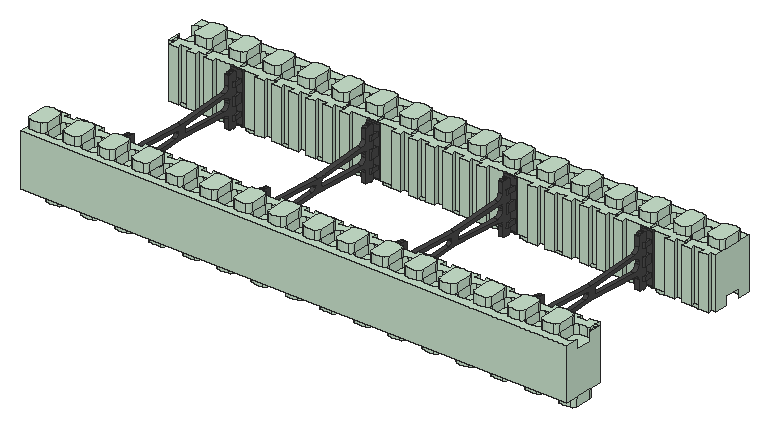
Revit family (continued)
Forms (in)
  Extrusion 51, void
    sketch origin (30, 13.25, 0) x (-1, 0, 0) y (0, -1, 0)
      loop
        arc (0, 0.72692) -> (0.04785, 0.57983) -> (0.17308, 0.48905) r 0.25
        arc (0.17308, 0.48905) -> (0.5, 0.4375) -> (0.82692, 0.48905) r 1.0625
        arc (0.82692, 0.48905) -> (0.95215, 0.57983) -> (1, 0.72692) r 0.25
        line (1, 0.72692) -> (1, 1.64808)
        arc (1, 1.64808) -> (0.95215, 1.79517) -> (0.82692, 1.88595) r 0.25
        arc (0.82692, 1.88595) -> (0.57908, 1.93455) -> (0.32677, 1.92328) r 1.0625
        arc (0.32677, 1.92328) -> (0.27615, 1.93729) -> (0.25408, 1.98495) r 0.0625
        line (0.25408, 1.98495) -> (0.25408, 2.20655)
    from 0 to 0.5
  Extrusion 52, void
    sketch origin (28, 13.25, 0) x (-1, 0, 0) y (0, -1, 0)
      loop
        line (0.25408, 2.20655) -> (0.08325, 2.20655) -> (0.08325, 1.86045)
        arc (0.08325, 1.86045) -> (0.07894, 1.83764) -> (0.0666, 1.81798) r 0.0625
        arc (0.0666, 1.81798) -> (0.01724, 1.73932) -> (0, 1.64808) r 0.25
        line (0, 1.64808) -> (0, 0.72692)
        arc (0, 0.72692) -> (0.04785, 0.57983) -> (0.17308, 0.48905) r 0.25
        arc (0.17308, 0.48905) -> (0.5, 0.4375) -> (0.82692, 0.48905) r 1.0625
        arc (0.82692, 0.48905) -> (0.95215, 0.57983) -> (1, 0.72692) r 0.25
        line (1, 0.72692) -> (1, 1.64808)
        arc (1, 1.64808) -> (0.95215, 1.79517) -> (0.82692, 1.88595) r 0.25
        arc (0.82692, 1.88595) -> (0.57908, 1.93455) -> (0.32677, 1.92328) r 1.0625
        arc (0.32677, 1.92328) -> (0.27615, 1.93729) -> (0.25408, 1.98495) r 0.0625
        line (0.25408, 1.98495) -> (0.25408, 2.20655)
    from 0 to 0.5
  Extrusion 53, void
    sketch origin (26, 13.25, 0) x (-1, 0, 0) y (0, -1, 0)
      loop
        line (0.25408, 2.20655) -> (0.08325, 2.20655) -> (0.08325, 1.86045)
        arc (0.08325, 1.86045) -> (0.07894, 1.83764) -> (0.0666, 1.81798) r 0.0625
        arc (0.0666, 1.81798) -> (0.01724, 1.73932) -> (0, 1.64808) r 0.25
        line (0, 1.64808) -> (0, 0.72692)
        arc (0, 0.72692) -> (0.04785, 0.57983) -> (0.17308, 0.48905) r 0.25
        arc (0.17308, 0.48905) -> (0.5, 0.4375) -> (0.82692, 0.48905) r 1.0625
        arc (0.82692, 0.48905) -> (0.95215, 0.57983) -> (1, 0.72692) r 0.25
        line (1, 0.72692) -> (1, 1.64808)
        arc (1, 1.64808) -> (0.95215, 1.79517) -> (0.82692, 1.88595) r 0.25
        arc (0.82692, 1.88595) -> (0.57908, 1.93455) -> (0.32677, 1.92328) r 1.0625
        arc (0.32677, 1.92328) -> (0.27615, 1.93729) -> (0.25408, 1.98495) r 0.0625
        line (0.25408, 1.98495) -> (0.25408, 2.20655)
    from 0 to 0.5
  Extrusion 54, void
    sketch origin (24, 13.25, 0) x (-1, 0, 0) y (0, -1, 0)
      loop
        line (0.25408, 2.20655) -> (0.08325, 2.20655) -> (0.08325, 1.86045)
        arc (0.08325, 1.86045) -> (0.07894, 1.83764) -> (0.0666, 1.81798) r 0.0625
        arc (0.0666, 1.81798) -> (0.01724, 1.73932) -> (0, 1.64808) r 0.25
        line (0, 1.64808) -> (0, 0.72692)
        arc (0, 0.72692) -> (0.04785, 0.57983) -> (0.17308, 0.48905) r 0.25
        arc (0.17308, 0.48905) -> (0.5, 0.4375) -> (0.82692, 0.48905) r 1.0625
        arc (0.82692, 0.48905) -> (0.95215, 0.57983) -> (1, 0.72692) r 0.25
        line (1, 0.72692) -> (1, 1.64808)
        arc (1, 1.64808) -> (0.95215, 1.79517) -> (0.82692, 1.88595) r 0.25
        arc (0.82692, 1.88595) -> (0.57908, 1.93455) -> (0.32677, 1.92328) r 1.0625
        arc (0.32677, 1.92328) -> (0.27615, 1.93729) -> (0.25408, 1.98495) r 0.0625
        line (0.25408, 1.98495) -> (0.25408, 2.20655)
    from 0 to 0.5
  Extrusion 55, void
    sketch origin (22, 13.25, 0) x (-1, 0, 0) y (0, -1, 0)
      loop
        line (0.25408, 2.20655) -> (0.08325, 2.20655) -> (0.08325, 1.86045)
        arc (0.08325, 1.86045) -> (0.07894, 1.83764) -> (0.0666, 1.81798) r 0.0625
        arc (0.0666, 1.81798) -> (0.01724, 1.73932) -> (0, 1.64808) r 0.25
        line (0, 1.64808) -> (0, 0.72692)
        arc (0, 0.72692) -> (0.04785, 0.57983) -> (0.17308, 0.48905) r 0.25
        arc (0.17308, 0.48905) -> (0.5, 0.4375) -> (0.82692, 0.48905) r 1.0625
        arc (0.82692, 0.48905) -> (0.95215, 0.57983) -> (1, 0.72692) r 0.25
        line (1, 0.72692) -> (1, 1.64808)
        arc (1, 1.64808) -> (0.95215, 1.79517) -> (0.82692, 1.88595) r 0.25
        arc (0.82692, 1.88595) -> (0.57908, 1.93455) -> (0.32677, 1.92328) r 1.0625
        arc (0.32677, 1.92328) -> (0.27615, 1.93729) -> (0.25408, 1.98495) r 0.0625
        line (0.25408, 1.98495) -> (0.25408, 2.20655)
    from 0 to 0.5
  Extrusion 56, void
    sketch origin (20, 13.25, 0) x (-1, 0, 0) y (0, -1, 0)
      loop
        line (0.25408, 2.20655) -> (0.08325, 2.20655) -> (0.08325, 1.86045)
        arc (0.08325, 1.86045) -> (0.07894, 1.83764) -> (0.0666, 1.81798) r 0.0625
        arc (0.0666, 1.81798) -> (0.01724, 1.73932) -> (0, 1.64808) r 0.25
        line (0, 1.64808) -> (0, 0.72692)
        arc (0, 0.72692) -> (0.04785, 0.57983) -> (0.17308, 0.48905) r 0.25
        arc (0.17308, 0.48905) -> (0.5, 0.4375) -> (0.82692, 0.48905) r 1.0625
        arc (0.82692, 0.48905) -> (0.95215, 0.57983) -> (1, 0.72692) r 0.25
        line (1, 0.72692) -> (1, 1.64808)
        arc (1, 1.64808) -> (0.95215, 1.79517) -> (0.82692, 1.88595) r 0.25
        arc (0.82692, 1.88595) -> (0.57908, 1.93455) -> (0.32677, 1.92328) r 1.0625
        arc (0.32677, 1.92328) -> (0.27615, 1.93729) -> (0.25408, 1.98495) r 0.0625
        line (0.25408, 1.98495) -> (0.25408, 2.20655)
    from 0 to 0.5
  Extrusion 57, void
    sketch origin (18, 13.25, 0) x (-1, 0, 0) y (0, -1, 0)
      loop
        line (0.25408, 2.20655) -> (0.08325, 2.20655) -> (0.08325, 1.86045)
        arc (0.08325, 1.86045) -> (0.07894, 1.83764) -> (0.0666, 1.81798) r 0.0625
        arc (0.0666, 1.81798) -> (0.01724, 1.73932) -> (0, 1.64808) r 0.25
        line (0, 1.64808) -> (0, 0.72692)
        arc (0, 0.72692) -> (0.04785, 0.57983) -> (0.17308, 0.48905) r 0.25
        arc (0.17308, 0.48905) -> (0.5, 0.4375) -> (0.82692, 0.48905) r 1.0625
        arc (0.82692, 0.48905) -> (0.95215, 0.57983) -> (1, 0.72692) r 0.25
        line (1, 0.72692) -> (1, 1.64808)
        arc (1, 1.64808) -> (0.95215, 1.79517) -> (0.82692, 1.88595) r 0.25
        arc (0.82692, 1.88595) -> (0.57908, 1.93455) -> (0.32677, 1.92328) r 1.0625
        arc (0.32677, 1.92328) -> (0.27615, 1.93729) -> (0.25408, 1.98495) r 0.0625
        line (0.25408, 1.98495) -> (0.25408, 2.20655)
    from 0 to 0.5
  Extrusion 58, void
    sketch origin (16, 13.25, 0) x (-1, 0, 0) y (0, -1, 0)
      loop
        line (0.25408, 2.20655) -> (0.08325, 2.20655) -> (0.08325, 1.86045)
        arc (0.08325, 1.86045) -> (0.07894, 1.83764) -> (0.0666, 1.81798) r 0.0625
        arc (0.0666, 1.81798) -> (0.01724, 1.73932) -> (0, 1.64808) r 0.25
        line (0, 1.64808) -> (0, 0.72692)
        arc (0, 0.72692) -> (0.04785, 0.57983) -> (0.17308, 0.48905) r 0.25
        arc (0.17308, 0.48905) -> (0.5, 0.4375) -> (0.82692, 0.48905) r 1.0625
        arc (0.82692, 0.48905) -> (0.95215, 0.57983) -> (1, 0.72692) r 0.25
        line (1, 0.72692) -> (1, 1.64808)
        arc (1, 1.64808) -> (0.95215, 1.79517) -> (0.82692, 1.88595) r 0.25
        arc (0.82692, 1.88595) -> (0.57908, 1.93455) -> (0.32677, 1.92328) r 1.0625
        arc (0.32677, 1.92328) -> (0.27615, 1.93729) -> (0.25408, 1.98495) r 0.0625
        line (0.25408, 1.98495) -> (0.25408, 2.20655)
    from 0 to 0.5
  Extrusion 59, void
    sketch origin (14, 13.25, 0) x (-1, 0, 0) y (0, -1, 0)
      loop
        line (0.25408, 2.20655) -> (0.08325, 2.20655) -> (0.08325, 1.86045)
        arc (0.08325, 1.86045) -> (0.07894, 1.83764) -> (0.0666, 1.81798) r 0.0625
        arc (0.0666, 1.81798) -> (0.01724, 1.73932) -> (0, 1.64808) r 0.25
        line (0, 1.64808) -> (0, 0.72692)
        arc (0, 0.72692) -> (0.04785, 0.57983) -> (0.17308, 0.48905) r 0.25
        arc (0.17308, 0.48905) -> (0.5, 0.4375) -> (0.82692, 0.48905) r 1.0625
        arc (0.82692, 0.48905) -> (0.95215, 0.57983) -> (1, 0.72692) r 0.25
        line (1, 0.72692) -> (1, 1.64808)
        arc (1, 1.64808) -> (0.95215, 1.79517) -> (0.82692, 1.88595) r 0.25
        arc (0.82692, 1.88595) -> (0.57908, 1.93455) -> (0.32677, 1.92328) r 1.0625
        arc (0.32677, 1.92328) -> (0.27615, 1.93729) -> (0.25408, 1.98495) r 0.0625
        line (0.25408, 1.98495) -> (0.25408, 2.20655)
    from 0 to 0.5
  Extrusion 60, void
    sketch origin (12, 13.25, 0) x (-1, 0, 0) y (0, -1, 0)
      loop
        line (0.25408, 2.20655) -> (0.08325, 2.20655) -> (0.08325, 1.86045)
        arc (0.08325, 1.86045) -> (0.07894, 1.83764) -> (0.0666, 1.81798) r 0.0625
        arc (0.0666, 1.81798) -> (0.01724, 1.73932) -> (0, 1.64808) r 0.25
        line (0, 1.64808) -> (0, 0.72692)
        arc (0, 0.72692) -> (0.04785, 0.57983) -> (0.17308, 0.48905) r 0.25
        arc (0.17308, 0.48905) -> (0.5, 0.4375) -> (0.82692, 0.48905) r 1.0625
        arc (0.82692, 0.48905) -> (0.95215, 0.57983) -> (1, 0.72692) r 0.25
        line (1, 0.72692) -> (1, 1.64808)
        arc (1, 1.64808) -> (0.95215, 1.79517) -> (0.82692, 1.88595) r 0.25
        arc (0.82692, 1.88595) -> (0.57908, 1.93455) -> (0.32677, 1.92328) r 1.0625
        arc (0.32677, 1.92328) -> (0.27615, 1.93729) -> (0.25408, 1.98495) r 0.0625
        line (0.25408, 1.98495) -> (0.25408, 2.20655)
    from 0 to 0.5
  Extrusion 61, void
    sketch origin (10, 13.25, 0) x (-1, 0, 0) y (0, -1, 0)
      loop
        line (0.25408, 2.20655) -> (0.08325, 2.20655) -> (0.08325, 1.86045)
        arc (0.08325, 1.86045) -> (0.07894, 1.83764) -> (0.0666, 1.81798) r 0.0625
        arc (0.0666, 1.81798) -> (0.01724, 1.73932) -> (0, 1.64808) r 0.25
        line (0, 1.64808) -> (0, 0.72692)
        arc (0, 0.72692) -> (0.04785, 0.57983) -> (0.17308, 0.48905) r 0.25
        arc (0.17308, 0.48905) -> (0.5, 0.4375) -> (0.82692, 0.48905) r 1.0625
        arc (0.82692, 0.48905) -> (0.95215, 0.57983) -> (1, 0.72692) r 0.25
        line (1, 0.72692) -> (1, 1.64808)
        arc (1, 1.64808) -> (0.95215, 1.79517) -> (0.82692, 1.88595) r 0.25
        arc (0.82692, 1.88595) -> (0.57908, 1.93455) -> (0.32677, 1.92328) r 1.0625
        arc (0.32677, 1.92328) -> (0.27615, 1.93729) -> (0.25408, 1.98495) r 0.0625
        line (0.25408, 1.98495) -> (0.25408, 2.20655)
    from 0 to 0.5
  Extrusion 62, void
    sketch origin (8, 13.25, 0) x (-1, 0, 0) y (0, -1, 0)
      loop
        line (0.25408, 2.20655) -> (0.08325, 2.20655) -> (0.08325, 1.86045)
        arc (0.08325, 1.86045) -> (0.07894, 1.83764) -> (0.0666, 1.81798) r 0.0625
        arc (0.0666, 1.81798) -> (0.01724, 1.73932) -> (0, 1.64808) r 0.25
        line (0, 1.64808) -> (0, 0.72692)
        arc (0, 0.72692) -> (0.04785, 0.57983) -> (0.17308, 0.48905) r 0.25
        arc (0.17308, 0.48905) -> (0.5, 0.4375) -> (0.82692, 0.48905) r 1.0625
        arc (0.82692, 0.48905) -> (0.95215, 0.57983) -> (1, 0.72692) r 0.25
        line (1, 0.72692) -> (1, 1.64808)
        arc (1, 1.64808) -> (0.95215, 1.79517) -> (0.82692, 1.88595) r 0.25
        arc (0.82692, 1.88595) -> (0.57908, 1.93455) -> (0.32677, 1.92328) r 1.0625
        arc (0.32677, 1.92328) -> (0.27615, 1.93729) -> (0.25408, 1.98495) r 0.0625
        line (0.25408, 1.98495) -> (0.25408, 2.20655)
    from 0 to 0.5
  Extrusion 63, void
    sketch origin (6, 13.25, 0) x (-1, 0, 0) y (0, -1, 0)
      loop
        line (0.25408, 2.20655) -> (0.08325, 2.20655) -> (0.08325, 1.86045)
        arc (0.08325, 1.86045) -> (0.07894, 1.83764) -> (0.0666, 1.81798) r 0.0625
        arc (0.0666, 1.81798) -> (0.01724, 1.73932) -> (0, 1.64808) r 0.25
        line (0, 1.64808) -> (0, 0.72692)
        arc (0, 0.72692) -> (0.04785, 0.57983) -> (0.17308, 0.48905) r 0.25
        arc (0.17308, 0.48905) -> (0.5, 0.4375) -> (0.82692, 0.48905) r 1.0625
        arc (0.82692, 0.48905) -> (0.95215, 0.57983) -> (1, 0.72692) r 0.25
        line (1, 0.72692) -> (1, 1.64808)
        arc (1, 1.64808) -> (0.95215, 1.79517) -> (0.82692, 1.88595) r 0.25
        arc (0.82692, 1.88595) -> (0.57908, 1.93455) -> (0.32677, 1.92328) r 1.0625
        arc (0.32677, 1.92328) -> (0.27615, 1.93729) -> (0.25408, 1.98495) r 0.0625
        line (0.25408, 1.98495) -> (0.25408, 2.20655)
    from 0 to 0.5
  Extrusion 64, void
    sketch origin (4, 13.25, 0) x (-1, 0, 0) y (0, -1, 0)
      loop
        line (0.25408, 2.20655) -> (0.08325, 2.20655) -> (0.08325, 1.86045)
        arc (0.08325, 1.86045) -> (0.07894, 1.83764) -> (0.0666, 1.81798) r 0.0625
        arc (0.0666, 1.81798) -> (0.01724, 1.73932) -> (0, 1.64808) r 0.25
        line (0, 1.64808) -> (0, 0.72692)
        arc (0, 0.72692) -> (0.04785, 0.57983) -> (0.17308, 0.48905) r 0.25
        arc (0.17308, 0.48905) -> (0.5, 0.4375) -> (0.82692, 0.48905) r 1.0625
        arc (0.82692, 0.48905) -> (0.95215, 0.57983) -> (1, 0.72692) r 0.25
        line (1, 0.72692) -> (1, 1.64808)
        arc (1, 1.64808) -> (0.95215, 1.79517) -> (0.82692, 1.88595) r 0.25
        arc (0.82692, 1.88595) -> (0.57908, 1.93455) -> (0.32677, 1.92328) r 1.0625
        arc (0.32677, 1.92328) -> (0.27615, 1.93729) -> (0.25408, 1.98495) r 0.0625
        line (0.25408, 1.98495) -> (0.25408, 2.20655)
    from 0 to 0.5
  Extrusion 65, void
    sketch origin (2, 13.25, 0) x (-1, 0, 0) y (0, -1, 0)
      loop
        line (0.25408, 2.20655) -> (0.08325, 2.20655) -> (0.08325, 1.86045)
        arc (0.08325, 1.86045) -> (0.07894, 1.83764) -> (0.0666, 1.81798) r 0.0625
        arc (0.0666, 1.81798) -> (0.01724, 1.73932) -> (0, 1.64808) r 0.25
        line (0, 1.64808) -> (0, 0.72692)
        arc (0, 0.72692) -> (0.04785, 0.57983) -> (0.17308, 0.48905) r 0.25
        arc (0.17308, 0.48905) -> (0.5, 0.4375) -> (0.82692, 0.48905) r 1.0625
        arc (0.82692, 0.48905) -> (0.95215, 0.57983) -> (1, 0.72692) r 0.25
        line (1, 0.72692) -> (1, 1.64808)
        arc (1, 1.64808) -> (0.95215, 1.79517) -> (0.82692, 1.88595) r 0.25
        arc (0.82692, 1.88595) -> (0.57908, 1.93455) -> (0.32677, 1.92328) r 1.0625
        arc (0.32677, 1.92328) -> (0.27615, 1.93729) -> (0.25408, 1.98495) r 0.0625
        line (0.25408, 1.98495) -> (0.25408, 2.20655)
    from 0 to 0.5
Cuts and joins
  Extrusion 2, Extrusion 3, Extrusion 4, Extrusion 5, Extrusion 6, Extrusion 7, Extrusion 8, Extrusion 9, Extrusion 10, Extrusion 11, Extrusion 12, Extrusion 13, Extrusion 14, Extrusion 15, Extrusion 16, Extrusion 17, Extrusion 18, Extrusion 19, Extrusion 20, Extrusion 21, Extrusion 22, Extrusion 23, Extrusion 24, Extrusion 25, Extrusion 26, Extrusion 27, Extrusion 28, Extrusion 29, Extrusion 30, Extrusion 31, Extrusion 32, Extrusion 33, Extrusion 34, Extrusion 35, Extrusion 36, Extrusion 37, Extrusion 38, Extrusion 39, Extrusion 40, Extrusion 41, Extrusion 42, Extrusion 43, Extrusion 44, Extrusion 45, Extrusion 46, Extrusion 47, Extrusion 48, Extrusion 49, Extrusion 50, Extrusion 51, Extrusion 52, Extrusion 53, Extrusion 54, Extrusion 55, Extrusion 56, Extrusion 57, Extrusion 58, Extrusion 59, Extrusion 60, Extrusion 61, Extrusion 62, Extrusion 63, Extrusion 64, Extrusion 65 cuts Extrusion 1
Dimensions and locks (in)
  locked: plane 3 "Center (Left/Right)" to plane 5 at 32
  locked: plane 5 to plane 3 "Center (Left/Right)" at 32
  locked: level to plane 6 at 3
  locked: plane 6 to level at 3
  locked: plane 4 to plane 1 "Center (Front/Back)" at 2.625
  plane 1 "Center (Front/Back)" to plane 4 to plane 7 to plane 8 = 0' - 2 5/8" locked, 0' - 8" locked, 0' - 2 5/8" locked
  aligned and locked: cut or joined group 1 (Extrusion 1, Extrusion 2, Extrusion 3, Extrusion 4, Extrusion 5, Extrusion 6, Extrusion 7, Extrusion 8, Extrusion 9, Extrusion 10, Extrusion 11, Extrusion 12, Extrusion 13, Extrusion 14, Extrusion 15, Extrusion 16, Extrusion 17, Extrusion 18, Extrusion 19, Extrusion 20, Extrusion 21, Extrusion 22, Extrusion 23, Extrusion 24, Extrusion 25, Extrusion 26, Extrusion 27, Extrusion 28, Extrusion 29, Extrusion 30, Extrusion 31, Extrusion 32, Extrusion 33, Extrusion 34, Extrusion 35, Extrusion 36, Extrusion 37, Extrusion 38, Extrusion 39, Extrusion 40, Extrusion 41, Extrusion 42, Extrusion 43, Extrusion 44, Extrusion 45, Extrusion 46, Extrusion 47, Extrusion 48, Extrusion 49, Extrusion 50, Extrusion 51, Extrusion 52, Extrusion 53, Extrusion 54, Extrusion 55, Extrusion 56, Extrusion 57, Extrusion 58, Extrusion 59, Extrusion 60, Extrusion 61, Extrusion 62, Extrusion 63, Extrusion 64, Extrusion 65) to nested 15
  aligned and locked: cut or joined group 1 to nested 14
  aligned and locked: cut or joined group 1 to nested 13
  aligned and locked: cut or joined group 1 to nested 12
  aligned and locked: cut or joined group 1 to nested 11
  aligned and locked: cut or joined group 1 to nested 10
  aligned and locked: cut or joined group 1 to nested 9
  aligned and locked: cut or joined group 1 to nested 8
  aligned and locked: cut or joined group 1 to nested 7
  aligned and locked: cut or joined group 1 to nested 6
  aligned and locked: cut or joined group 1 to nested 5
  aligned and locked: cut or joined group 1 to nested 3
  aligned and locked: cut or joined group 1 to nested 2
  aligned and locked: nested 1 to cut or joined group 1
  aligned and locked: cut or joined group 1 to nested 65
  aligned and locked: cut or joined group 1 to nested 68
  aligned and locked: cut or joined group 1 to nested 67
  aligned and locked: cut or joined group 1 to nested 66
  aligned: cut or joined group 1 to nested 65
Nested families (in)
  nested 1: "Interlock Tooth" at (0, 5.625, -15), type "Interlock Tooth"
  nested 2: "Interlock Tooth" at (2, 5.625, -15), type "Interlock Tooth"
  nested 3: "Interlock Tooth" at (4, 5.625, -15), type "Interlock Tooth"
  nested 4: "Interlock Tooth" at (6, 5.625, -15), type "Interlock Tooth"
  nested 5: "Interlock Tooth" at (8, 5.625, -15), type "Interlock Tooth"
  nested 6: "Interlock Tooth" at (10, 5.625, -15), type "Interlock Tooth"
  nested 7: "Interlock Tooth" at (12, 5.625, -15), type "Interlock Tooth"
  nested 8: "Interlock Tooth" at (14, 5.625, -15), type "Interlock Tooth"
  nested 9: "Interlock Tooth" at (16, 5.625, -15), type "Interlock Tooth"
  nested 10: "Interlock Tooth" at (18, 5.625, -15), type "Interlock Tooth"
  nested 11: "Interlock Tooth" at (20, 5.625, -15), type "Interlock Tooth"
  nested 12: "Interlock Tooth" at (22, 5.625, -15), type "Interlock Tooth"
  nested 13: "Interlock Tooth" at (24, 5.625, -15), type "Interlock Tooth"
  nested 14: "Interlock Tooth" at (26, 5.625, -15), type "Interlock Tooth"
  nested 15: "Interlock Tooth" at (28, 5.625, -15), type "Interlock Tooth"
  nested 16: "Interlock Tooth" at (30, 5.625, -15), type "Interlock Tooth"
  nested 17: "Interlock Tooth" at (3, 5.625, -18.5), type "Interlock Tooth"
  nested 18: "Interlock Tooth" at (5, 5.625, -18.5), type "Interlock Tooth"
  nested 19: "Interlock Tooth" at (7, 5.625, -18.5), type "Interlock Tooth"
  nested 20: "Interlock Tooth" at (9, 5.625, -18.5), type "Interlock Tooth"
  nested 21: "Interlock Tooth" at (1, 5.625, -18.5), type "Interlock Tooth"
  nested 22: "Interlock Tooth" at (11, 5.625, -18.5), type "Interlock Tooth"
  nested 23: "Interlock Tooth" at (13, 5.625, -18.5), type "Interlock Tooth"
  nested 24: "Interlock Tooth" at (15, 5.625, -18.5), type "Interlock Tooth"
  nested 25: "Interlock Tooth" at (17, 5.625, -18.5), type "Interlock Tooth"
  nested 26: "Interlock Tooth" at (19, 5.625, -18.5), type "Interlock Tooth"
  nested 27: "Interlock Tooth" at (21, 5.625, -18.5), type "Interlock Tooth"
  nested 28: "Interlock Tooth" at (23, 5.625, -18.5), type "Interlock Tooth"
  nested 29: "Interlock Tooth" at (25, 5.625, -18.5), type "Interlock Tooth"
  nested 30: "Interlock Tooth" at (27, 5.625, -18.5), type "Interlock Tooth"
  nested 31: "Interlock Tooth" at (29, 5.625, -18.5), type "Interlock Tooth"
  nested 32: "Interlock Tooth" at (31, 5.625, -18.5), type "Interlock Tooth"
  nested 33: "Interlock Tooth" at (32, 7.625, -15) x (-1, 0, 0) z (0, 0, 1), type "Interlock Tooth"
  nested 34: "Interlock Tooth" at (30, 7.625, -15) x (-1, 0, 0) z (0, 0, 1), type "Interlock Tooth"
  nested 35: "Interlock Tooth" at (28, 7.625, -15) x (-1, 0, 0) z (0, 0, 1), type "Interlock Tooth"
  nested 36: "Interlock Tooth" at (26, 7.625, -15) x (-1, 0, 0) z (0, 0, 1), type "Interlock Tooth"
  nested 37: "Interlock Tooth" at (24, 7.625, -15) x (-1, 0, 0) z (0, 0, 1), type "Interlock Tooth"
  nested 38: "Interlock Tooth" at (22, 7.625, -15) x (-1, 0, 0) z (0, 0, 1), type "Interlock Tooth"
  nested 39: "Interlock Tooth" at (20, 7.625, -15) x (-1, 0, 0) z (0, 0, 1), type "Interlock Tooth"
  nested 40: "Interlock Tooth" at (18, 7.625, -15) x (-1, 0, 0) z (0, 0, 1), type "Interlock Tooth"
  nested 41: "Interlock Tooth" at (16, 7.625, -15) x (-1, 0, 0) z (0, 0, 1), type "Interlock Tooth"
  nested 42: "Interlock Tooth" at (14, 7.625, -15) x (-1, 0, 0) z (0, 0, 1), type "Interlock Tooth"
  nested 43: "Interlock Tooth" at (12, 7.625, -15) x (-1, 0, 0) z (0, 0, 1), type "Interlock Tooth"
  nested 44: "Interlock Tooth" at (10, 7.625, -15) x (-1, 0, 0) z (0, 0, 1), type "Interlock Tooth"
  nested 45: "Interlock Tooth" at (8, 7.625, -15) x (-1, 0, 0) z (0, 0, 1), type "Interlock Tooth"
  nested 46: "Interlock Tooth" at (6, 7.625, -15) x (-1, 0, 0) z (0, 0, 1), type "Interlock Tooth"
  nested 47: "Interlock Tooth" at (4, 7.625, -15) x (-1, 0, 0) z (0, 0, 1), type "Interlock Tooth"
  nested 48: "Interlock Tooth" at (2, 7.625, -15) x (-1, 0, 0) z (0, 0, 1), type "Interlock Tooth"
  nested 49: "Interlock Tooth" at (29, 7.625, -18.5) x (-1, 0, 0) z (0, 0, 1), type "Interlock Tooth"
  nested 50: "Interlock Tooth" at (27, 7.625, -18.5) x (-1, 0, 0) z (0, 0, 1), type "Interlock Tooth"
  nested 51: "Interlock Tooth" at (25, 7.625, -18.5) x (-1, 0, 0) z (0, 0, 1), type "Interlock Tooth"
  nested 52: "Interlock Tooth" at (23, 7.625, -18.5) x (-1, 0, 0) z (0, 0, 1), type "Interlock Tooth"
  nested 53: "Interlock Tooth" at (31, 7.625, -18.5) x (-1, 0, 0) z (0, 0, 1), type "Interlock Tooth"
  nested 54: "Interlock Tooth" at (21, 7.625, -18.5) x (-1, 0, 0) z (0, 0, 1), type "Interlock Tooth"
  nested 55: "Interlock Tooth" at (19, 7.625, -18.5) x (-1, 0, 0) z (0, 0, 1), type "Interlock Tooth"
  nested 56: "Interlock Tooth" at (17, 7.625, -18.5) x (-1, 0, 0) z (0, 0, 1), type "Interlock Tooth"
  nested 57: "Interlock Tooth" at (15, 7.625, -18.5) x (-1, 0, 0) z (0, 0, 1), type "Interlock Tooth"
  nested 58: "Interlock Tooth" at (13, 7.625, -18.5) x (-1, 0, 0) z (0, 0, 1), type "Interlock Tooth"
  nested 59: "Interlock Tooth" at (11, 7.625, -18.5) x (-1, 0, 0) z (0, 0, 1), type "Interlock Tooth"
  nested 60: "Interlock Tooth" at (9, 7.625, -18.5) x (-1, 0, 0) z (0, 0, 1), type "Interlock Tooth"
  nested 61: "Interlock Tooth" at (7, 7.625, -18.5) x (-1, 0, 0) z (0, 0, 1), type "Interlock Tooth"
  nested 62: "Interlock Tooth" at (5, 7.625, -18.5) x (-1, 0, 0) z (0, 0, 1), type "Interlock Tooth"
  nested 63: "Interlock Tooth" at (3, 7.625, -18.5) x (-1, 0, 0) z (0, 0, 1), type "Interlock Tooth"
  nested 64: "Interlock Tooth" at (1, 7.625, -18.5) x (-1, 0, 0) z (0, 0, 1), type "Interlock Tooth"
  nested 65: "NUDURA Height Adjuster Diamond Pattern" at (24, 18.875, 0), type "NUDURA Height Adjuster Diamond Pattern"
  nested 66: "NUDURA Height Adjuster Diamond Pattern" at (16, 18.875, 0), type "NUDURA Height Adjuster Diamond Pattern"
  nested 67: "NUDURA Height Adjuster Diamond Pattern" at (8, 18.875, 0), type "NUDURA Height Adjuster Diamond Pattern"
  nested 68: "NUDURA Height Adjuster Diamond Pattern" at (0, 18.875, 0), type "NUDURA Height Adjuster Diamond Pattern"
  nested 69: "NUDURA Height Adjuster Diamond Pattern" at (24, -5.625, 0), type "NUDURA Height Adjuster Diamond Pattern"
  nested 70: "NUDURA Height Adjuster Diamond Pattern" at (16, -5.625, 0), type "NUDURA Height Adjuster Diamond Pattern"
  nested 71: "NUDURA Height Adjuster Diamond Pattern" at (8, -5.625, 0), type "NUDURA Height Adjuster Diamond Pattern"
  nested 72: "NUDURA Height Adjuster Diamond Pattern" at (0, -5.625, 0), type "NUDURA Height Adjuster Diamond Pattern"
  nested 73: "NUDURA 8-inch Height Adjuster Web" at (4, 6.625, 0), type "NUDURA 8-inch Height Adjuster Web"
  nested 74: "NUDURA 8-inch Height Adjuster Web" at (12, 6.625, 0), type "NUDURA 8-inch Height Adjuster Web"
  nested 75: "NUDURA 8-inch Height Adjuster Web" at (20, 6.625, 0), type "NUDURA 8-inch Height Adjuster Web"
  nested 76: "NUDURA 8-inch Height Adjuster Web" at (28, 6.625, 0), type "NUDURA 8-inch Height Adjuster Web"
Definition of nested family "Interlock Tooth"
  Reference planes (in)
    plane 1 "Center (Front/Back)": y = 0
    plane 2: z = 0
    plane 3 "Center (Left/Right)": x = 0
    plane 4: z = 18
    plane 5: z = 18.5
    plane 6: z = -0.5
  Forms (in)
    Extrusion 1, solid, material "NUDURA Expanded Polystyrene Foam Insulation"
      sketch origin (0, -8.875, 0) x (1, 0, 0) y (0, 1, 0)
        loop
          arc (0, 3.97692) -> (0.04785, 3.82983) -> (0.17308, 3.73905) r 0.25
          arc (0.17308, 3.73905) -> (0.5, 3.6875) -> (0.82692, 3.73905) r 1.0625
          arc (0.82692, 3.73905) -> (0.95215, 3.82983) -> (1, 3.97692) r 0.25
          line (1, 3.97692) -> (1, 4.89808)
          arc (1, 4.89808) -> (0.95215, 5.04517) -> (0.82692, 5.13595) r 0.25
          arc (0.82692, 5.13595) -> (0.5, 5.1875) -> (0.17308, 5.13595) r 1.0625
          arc (0.17308, 5.13595) -> (0.04785, 5.04517) -> (0, 4.89808) r 0.25
          line (0, 4.89808) -> (0, 3.97692)
      from 18 to 18.5
  Dimensions and locks (in)
    locked: plane 4 to level at 18
    locked: plane 4 to plane 5 at 0.5
    locked: plane 6 to level at 0.5
Definition of nested family "NUDURA 8-inch Height Adjuster Web"
  Reference planes (in)
    plane 1 "Center (Front/Back)": y = 0
    plane 2: z = 0
    plane 3 "Center (Left/Right)": x = 0
    plane 4: z = 3
    plane 5: z = 0.5
    plane 6: z = 2.5
    plane 7: z = 2.25
    plane 8: z = 0.75
    plane 9: z = 1.25
    plane 10: z = 1.75
  Forms (in)
    Extrusion 1, solid, material "High Density Polystyrene"
      sketch origin (0, 0.2725, 0) x (0, 1, 0) y (0, 0, 1)
        loop
          line (3.9775, 0) -> (3.9775, 3)
          arc (3.9775, 3) -> (3.94863, 2.98025) -> (3.9375, 2.94708) r 0.055
          line (3.9375, 2.94708) -> (3.9375, 0.05292)
          arc (3.9375, 0.05292) -> (3.94863, 0.01975) -> (3.9775, 0) r 0.055
        loop
          arc (-4.5225, 0) -> (-4.49362, 0.01975) -> (-4.48249, 0.05292) r 0.055
          line (-4.48249, 0.05292) -> (-4.48249, 2.94708)
          arc (-4.48249, 2.94708) -> (-4.49362, 2.98025) -> (-4.5225, 3) r 0.055
          line (-4.5225, 3) -> (-4.5225, 0)
      from -0.36328 to 0.36328
    Extrusion 2, solid, material "High Density Polystyrene"
      sketch origin (0, 0.02, 0) x (0, 1, 0) y (0, 0, 1)
        loop
          arc (3.48, 2.35806) -> (3.40204, 2.15632) -> (3.20868, 2.05943) r 0.3
          line (3.20868, 2.05943) -> (-0.00341, 1.87543) -> (-3.27258, 2.0627)
          arc (-3.27258, 2.0627) -> (-3.44997, 2.16541) -> (-3.52, 2.35806) r 0.3
          line (-3.52, 2.35806) -> (-3.52, 2.92107) -> (-3.62, 2.92107)
          arc (-3.62, 2.92107) -> (-3.63433, 2.95567) -> (-3.66893, 2.97) r 0.04893
          line (-3.66893, 2.97) -> (-3.82, 2.97) -> (-3.85, 3) -> (-3.94, 3) -> (-4.02, 2.92) -> (-4.02, 0.08) -> (-3.94, 0) -> (-3.85, 0) -> (-3.82, 0.03) -> (-3.66893, 0.03)
          arc (-3.66893, 0.03) -> (-3.63433, 0.04433) -> (-3.62, 0.07893) r 0.04893
          line (-3.62, 0.07893) -> (-3.52, 0.07893) -> (-3.52, 0.6398)
          arc (-3.52, 0.6398) -> (-3.43812, 0.84577) -> (-3.23716, 0.93931) r 0.3
          line (-3.23716, 0.93931) -> (-0.00341, 1.12457) -> (3.19727, 0.94122)
          arc (3.19727, 0.94122) -> (3.39811, 0.84577) -> (3.48, 0.6398) r 0.3
          line (3.48, 0.6398) -> (3.48, 0.07893) -> (3.58, 0.07893)
          arc (3.58, 0.07893) -> (3.59433, 0.04433) -> (3.62892, 0.03) r 0.04893
          line (3.62892, 0.03) -> (3.78, 0.03) -> (3.81, 0) -> (3.9, 0) -> (3.98, 0.08) -> (3.98, 2.92) -> (3.9, 3) -> (3.81, 3) -> (3.78, 2.97) -> (3.62892, 2.97)
          arc (3.62892, 2.97) -> (3.59433, 2.95567) -> (3.58, 2.92107) r 0.04893
          line (3.58, 2.92107) -> (3.48, 2.92107) -> (3.48, 2.35806)
        loop
          line (0.38, 1.28309) -> (3.1717, 1.13398)
          arc (3.1717, 1.13398) -> (3.39973, 1.21219) -> (3.49659, 1.43294) r 0.3
          line (3.49659, 1.43294) -> (3.49659, 1.56706)
          arc (3.49659, 1.56706) -> (3.39973, 1.78781) -> (3.1717, 1.86602) r 0.3
          line (3.1717, 1.86602) -> (0.38, 1.71691)
          arc (0.38, 1.71691) -> (0.24942, 1.65303) -> (0.19659, 1.5176) r 0.2
          line (0.19659, 1.5176) -> (0.19659, 1.4824)
          arc (0.19659, 1.4824) -> (0.24942, 1.34697) -> (0.38, 1.28309) r 0.2
        loop
          arc (-0.20341, 1.5176) -> (-0.25625, 1.65303) -> (-0.38683, 1.71691) r 0.2
          line (-0.38683, 1.71691) -> (-3.17853, 1.86602)
          arc (-3.17853, 1.86602) -> (-3.40656, 1.78781) -> (-3.50341, 1.56706) r 0.3
          line (-3.50341, 1.56706) -> (-3.50341, 1.43294)
          arc (-3.50341, 1.43294) -> (-3.40656, 1.21219) -> (-3.17853, 1.13398) r 0.3
          line (-3.17853, 1.13398) -> (-0.38683, 1.28309)
          arc (-0.38683, 1.28309) -> (-0.25625, 1.34697) -> (-0.20341, 1.4824) r 0.2
          line (-0.20341, 1.4824) -> (-0.20341, 1.5176)
      from -0.125 to 0.125
    Extrusion 3, void
      sketch origin (0, 1, -0.08679) x (-1, 0, 0) y (0, -1, 0)
        loop
          arc (-0.25, -2.79249) -> (-0.22584, -2.73416) -> (-0.1675, -2.71) r 0.0825
          line (-0.1675, -2.71) -> (-0.25, -2.71) -> (-0.25, -2.79249)
      from 0.58679 to 2.58679
    Extrusion 4, void
      sketch origin (0, -1, 0) x (1, 0, 0) y (0, 1, 0)
        loop
          arc (-0.25, -2.79249) -> (-0.22584, -2.73416) -> (-0.1675, -2.71) r 0.0825
          line (-0.1675, -2.71) -> (-0.25, -2.71) -> (-0.25, -2.79249)
      from 0.5 to 2.5
    Extrusion 5, void
      sketch origin (0, -1, 0) x (-1, 0, 0) y (0, -1, 0)
        loop
          line (-0.25, 2.79249) -> (-0.25, 2.71) -> (-0.1675, 2.71)
          arc (-0.1675, 2.71) -> (-0.22584, 2.73416) -> (-0.25, 2.79249) r 0.0825
      from 0.5 to 2.5
    Extrusion 6, solid, material "High Density Polystyrene"
      sketch origin (0, 0, 0) x (0, 1, 0) y (0, 0, 1)
        loop
          line (4.21, 2.5) -> (3.71, 2.5) -> (3.71, 2.25) -> (4.21, 2.25) -> (4.21, 2.5)
        loop
          line (4.21, 1.75) -> (3.71, 1.75) -> (3.71, 1.25) -> (4.21, 1.25) -> (4.21, 1.75)
        loop
          line (4.21, 0.75) -> (3.71, 0.75) -> (3.71, 0.5) -> (4.21, 0.5) -> (4.21, 0.75)
        loop
          line (-4.21, 2.5) -> (-4.21, 2.25) -> (-3.71, 2.25) -> (-3.71, 2.5) -> (-4.21, 2.5)
        loop
          line (-4.21, 1.75) -> (-4.21, 1.25) -> (-3.71, 1.25) -> (-3.71, 1.75) -> (-4.21, 1.75)
        loop
          line (-4.21, 0.75) -> (-4.21, 0.5) -> (-3.71, 0.5) -> (-3.71, 0.75) -> (-4.21, 0.75)
      from -0.25 to 0.25
    Extrusion 7, void
      sketch origin (0, 1, -0.08679) x (1, 0, 0) y (0, 1, 0)
        loop
          line (-0.25, 2.79249) -> (-0.25, 2.71) -> (-0.1675, 2.71)
          arc (-0.1675, 2.71) -> (-0.22584, 2.73416) -> (-0.25, 2.79249) r 0.0825
      from 0.58679 to 2.58679
  Cuts and joins
    Extrusion 3, Extrusion 4, Extrusion 5, Extrusion 7 cuts Extrusion 6
    Extrusion 7 cuts Extrusion 1
Definition of nested family "NUDURA Height Adjuster Diamond Pattern"
  Reference planes (in)
    plane 1 "Center (Front/Back)": y = 0
    plane 2: z = 0
    plane 3 "Center (Left/Right)": x = 0
    plane 4: z = 3
  Lines and regions (in)
    model lines
      curve 1: line (8, -5.625, 3) -> (8, -5.625, 0)
      curve 2: line (6, -5.625, 3) -> (6, -5.625, 0)
      curve 3: line (2, -5.625, 3) -> (2, -5.625, 0)
      curve 4: line (4.634, -5.625, 2.51517) -> (4.29059, -5.625, 2.85858)
      curve 5: arc (4.634, -5.625, 1.98484) -> (4.74384, -5.625, 2.25) -> (4.634, -5.625, 2.51517) r 0.375
      curve 6: line (4.29059, -5.625, 1.64142) -> (4.634, -5.625, 1.98484)
      curve 7: line (3.35367, -5.625, 1.98484) -> (3.69709, -5.625, 1.64142)
      curve 8: arc (3.35367, -5.625, 2.51517) -> (3.24384, -5.625, 2.25) -> (3.35367, -5.625, 1.98484) r 0.375
      curve 9: line (3.69709, -5.625, 2.85858) -> (3.35367, -5.625, 2.51517)
      curve 10: arc (4.17062, -5.625, 2.80178) -> (3.99384, -5.625, 2.875) -> (3.81706, -5.625, 2.80178) r 0.25
      curve 11: line (3.81706, -5.625, 2.80178) -> (3.44206, -5.625, 2.42678)
      curve 12: arc (3.44206, -5.625, 2.42678) -> (3.36884, -5.625, 2.25) -> (3.44206, -5.625, 2.07322) r 0.25
      curve 13: line (3.44206, -5.625, 2.07322) -> (3.81706, -5.625, 1.69822)
      curve 14: arc (3.81706, -5.625, 1.69822) -> (3.99384, -5.625, 1.625) -> (4.17062, -5.625, 1.69822) r 0.25
      curve 15: line (4.17062, -5.625, 1.69822) -> (4.54562, -5.625, 2.07322)
      curve 16: arc (4.54562, -5.625, 2.07322) -> (4.61884, -5.625, 2.25) -> (4.54562, -5.625, 2.42678) r 0.25
      curve 17: line (4.54562, -5.625, 2.42678) -> (4.17062, -5.625, 2.80178)
      curve 18: arc (3.69709, -5.625, 1.35858) -> (3.75567, -5.625, 1.5) -> (3.69709, -5.625, 1.64142) r 0.2
      curve 19: line (3.69709, -5.625, 1.35858) -> (3.35367, -5.625, 1.01517)
      curve 20: arc (3.35367, -5.625, 1.01517) -> (3.24384, -5.625, 0.75) -> (3.35367, -5.625, 0.48484) r 0.375
      curve 21: line (3.35367, -5.625, 0.48484) -> (3.72867, -5.625, 0.10984)
      curve 22: arc (3.72867, -5.625, 0.10984) -> (3.99384, -5.625, 0) -> (4.259, -5.625, 0.10984) r 0.375
      curve 23: line (4.259, -5.625, 0.10984) -> (4.634, -5.625, 0.48484)
      curve 24: arc (4.634, -5.625, 0.48484) -> (4.74384, -5.625, 0.75) -> (4.634, -5.625, 1.01517) r 0.375
      curve 25: line (4.634, -5.625, 1.01517) -> (4.29059, -5.625, 1.35858)
      curve 26: arc (4.29059, -5.625, 1.64142) -> (4.23201, -5.625, 1.5) -> (4.29059, -5.625, 1.35858) r 0.2
      curve 27: arc (4.17062, -5.625, 1.30178) -> (3.99384, -5.625, 1.375) -> (3.81706, -5.625, 1.30178) r 0.25
      curve 28: line (4.54562, -5.625, 0.92678) -> (4.17062, -5.625, 1.30178)
      curve 29: arc (4.54562, -5.625, 0.57322) -> (4.61884, -5.625, 0.75) -> (4.54562, -5.625, 0.92678) r 0.25
      curve 30: line (4.17062, -5.625, 0.19822) -> (4.54562, -5.625, 0.57322)
      curve 31: arc (3.81706, -5.625, 0.19822) -> (3.99384, -5.625, 0.125) -> (4.17062, -5.625, 0.19822) r 0.25
      curve 32: line (3.44206, -5.625, 0.57322) -> (3.81706, -5.625, 0.19822)
      curve 33: arc (3.44206, -5.625, 0.92678) -> (3.36884, -5.625, 0.75) -> (3.44206, -5.625, 0.57322) r 0.25
      curve 34: line (3.81706, -5.625, 1.30178) -> (3.44206, -5.625, 0.92678)
      curve 35: arc (4.259, -5.625, 2.89017) -> (3.99384, -5.625, 3) -> (3.72867, -5.625, 2.89017) r 0.375
